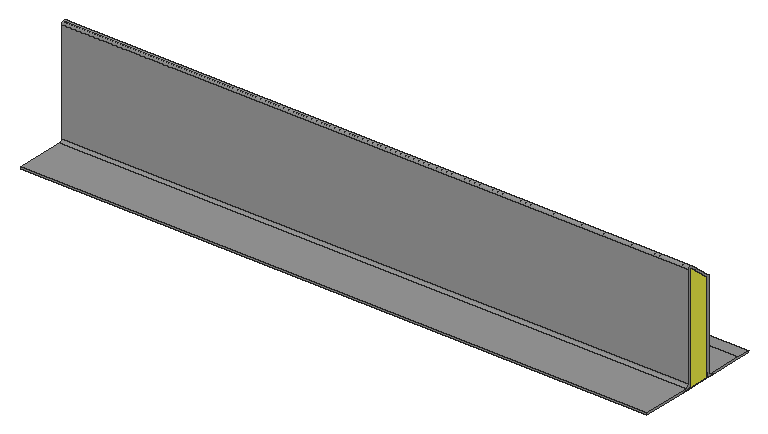
Revit family "HDK 50", category Generic Models, Revit 2014
Parameters (values of type "Max lintel length 4200mm")
  URL = "http://www.keystonelintels.co.uk"
  Structural Opening [instance] = 900 mm
  Structural Performance = "The Keystone lintel range has safe working loads as detailed in each applicable loading table in the Keystone Lintel Guide brochure. The structural performance figures within each table have been ascertained by testing in accordance with the requirements of standards BS EN 5977-2: 1983 and BS EN 845-2: 2003."
  RIBA Productor Selector = "available for Keystone Lintels Ltd from Keystone Lintels Ltd from ribaproductselector.com"
  Model = "HD/K 50"
  Min Length = 600 mm
  Min Clear Span = 300 mm
  Max Length = 4200 mm
  Max Clear Span = 4800 mm
  Material - Stainless Steel = "Grade 304 2b 1.4307 to BS EN 10088-2. Other grades available on request: contact manufacturer."
  Material - Galvanised Steel = "To BS EN 10346: 2009. DX51D plus Z600 or grade Z275 to BS 5977-2: 1983 (BS EN 845-2: 2003)."
  Manufacturer = "Keystone"
  Manufactured Length [instance] = (roundup(Effective Length / 150 mm) * 150 mm)  # 1200 mm
  Lintel height [instance] = 2100 mm
  Keynote = "F30/755"
  Fire Performance = "Keystone lintels have been subjected to a fire test (WARRES No. 101263) in accordance with BS 476-20: 1987, at Exova Warrington Fire and achieved a one hour fire performance."
  End Bearing = 150 mm
  Effective Length [instance] = Clear Opening with MIN MAX set + End Bearing * 2  # 1200 mm
  Corrosion = "Keystone’s standard range of lintels are manufactured from high quality grade pre-galvanized carbon steel with a zinc coating of 600"
  Contact Tel = "+44 (0)28 8676 2184"
  Contact Email = "info@keystonelintels.co.uk"
  Clear Opening with MIN MAX set [instance] = if(Structural Opening < Min Clear Span, Min Clear Span, (if(Structural Opening > Max Clear Span, Max Clear Span, Structural Opening)))  # 900 mm
  CPD Information = "Available for Keystone Lintels Ltd from ribacpd.com"
Reference planes
  plane 1 "Center (Front/Back)": y = 0
  plane 2: z = 0
  plane 3 "Center (Left/Right)": x = 0
  plane 4: x = -600
  plane 5: x = 600
  plane 6: z = 2100
  plane 7: x = -450
  plane 8: x = 450
Forms (mm)
  Extrusion 1, solid, material "Steel"
    sketch origin (0, 713.2, -506.216) x (0, 1, 0) y (0, 0, 1)
      loop
        line (-595.486, 2608.553) -> (-620.486, 2609.416) -> (-685.486, 2609.416)
        arc (-685.486, 2609.416) -> (-689.022, 2610.881) -> (-690.486, 2614.416) r 5
        line (-690.486, 2614.416) -> (-690.486, 2778.496)
        arc (-690.486, 2778.496) -> (-690.973, 2780.693) -> (-692.342, 2782.478) r 5.2
        line (-692.342, 2782.478) -> (-729.942, 2814.048)
        arc (-729.942, 2814.048) -> (-735.483, 2814.779) -> (-738.486, 2810.066) r 5.2
        line (-738.486, 2810.066) -> (-738.486, 2614.416)
        arc (-738.486, 2614.416) -> (-739.951, 2610.881) -> (-743.486, 2609.416) r 5
        line (-743.486, 2609.416) -> (-838.486, 2609.416) -> (-838.486, 2606.216) -> (-743.486, 2606.216)
        arc (-743.486, 2606.216) -> (-737.688, 2608.618) -> (-735.286, 2614.416) r 8.2
        line (-735.286, 2614.416) -> (-735.286, 2810.066)
        arc (-735.286, 2810.066) -> (-734.131, 2811.879) -> (-732, 2811.598) r 2
        line (-732, 2811.598) -> (-694.4, 2780.028)
        arc (-694.4, 2780.028) -> (-693.873, 2779.341) -> (-693.686, 2778.496) r 2
        line (-693.686, 2778.496) -> (-693.686, 2614.416)
        arc (-693.686, 2614.416) -> (-691.284, 2608.618) -> (-685.486, 2606.216) r 8.2
        line (-685.486, 2606.216) -> (-620.541, 2606.216) -> (-595.597, 2605.355) -> (-595.486, 2608.553)
    from -600 to 600
  Extrusion 2, solid, material "Insulation"
    sketch origin (0, 713.2, -506.216) x (0, 1, 0) y (0, 0, 1)
      loop
        line (-693.686, 2614.416) -> (-693.686, 2778.496)
        arc (-693.686, 2778.496) -> (-693.873, 2779.341) -> (-694.4, 2780.028) r 2
        line (-694.4, 2780.028) -> (-732, 2811.598)
        arc (-732, 2811.598) -> (-734.131, 2811.879) -> (-735.286, 2810.066) r 2
        line (-735.286, 2810.066) -> (-735.286, 2614.416)
        arc (-735.286, 2614.416) -> (-737.688, 2608.618) -> (-743.486, 2606.216) r 8.2
        line (-743.486, 2606.216) -> (-694.986, 2606.216) -> (-694.986, 2614.216) -> (-693.986, 2614.216) -> (-693.986, 2606.216) -> (-685.486, 2606.216)
        arc (-685.486, 2606.216) -> (-691.284, 2608.618) -> (-693.686, 2614.416) r 8.2
    from -600 to 600
  Extrusion 3, solid, material "Steel"
    sketch origin (0, 713.2, -506.216) x (0, 1, 0) y (0, 0, 1)
      loop
        line (-676.986, 2605.216) -> (-676.986, 2606.216) -> (-693.986, 2606.216) -> (-693.986, 2614.216) -> (-694.986, 2614.216) -> (-694.986, 2606.216) -> (-751.986, 2606.216) -> (-751.986, 2605.216) -> (-676.986, 2605.216)
    from -600 to 600
  Extrusion 4, solid, not visible
    sketch origin (0, 923.894, 1182.159) x (0, 1, 0) y (0, 0, 1)
      loop
        line (-595.486, 1008.553) -> (-620.486, 1009.416) -> (-685.486, 1009.416)
        arc (-685.486, 1009.416) -> (-689.022, 1010.881) -> (-690.486, 1014.416) r 5
        line (-690.486, 1014.416) -> (-690.486, 1178.496)
        arc (-690.486, 1178.496) -> (-690.973, 1180.693) -> (-692.342, 1182.478) r 5.2
        line (-692.342, 1182.478) -> (-729.942, 1214.048)
        arc (-729.942, 1214.048) -> (-735.483, 1214.779) -> (-738.486, 1210.066) r 5.2
        line (-738.486, 1210.066) -> (-738.486, 1014.416)
        arc (-738.486, 1014.416) -> (-739.951, 1010.881) -> (-743.486, 1009.416) r 5
        line (-743.486, 1009.416) -> (-838.486, 1009.416) -> (-838.486, 1006.216) -> (-743.486, 1006.216)
        arc (-743.486, 1006.216) -> (-737.688, 1008.618) -> (-735.286, 1014.416) r 8.2
        line (-735.286, 1014.416) -> (-735.286, 1210.066)
        arc (-735.286, 1210.066) -> (-734.131, 1211.879) -> (-732, 1211.598) r 2
        line (-732, 1211.598) -> (-694.4, 1180.028)
        arc (-694.4, 1180.028) -> (-693.873, 1179.341) -> (-693.686, 1178.496) r 2
        line (-693.686, 1178.496) -> (-693.686, 1014.416)
        arc (-693.686, 1014.416) -> (-691.284, 1008.618) -> (-685.486, 1006.216) r 8.2
        line (-685.486, 1006.216) -> (-620.541, 1006.216) -> (-595.597, 1005.355) -> (-595.486, 1008.553)
    from 0 to 250
  Extrusion 5, solid, not visible
    sketch origin (0, 854.485, 858.359) x (0, 1, 0) y (0, 0, 1)
      loop
        line (-693.686, 1014.416) -> (-693.686, 1178.496)
        arc (-693.686, 1178.496) -> (-693.873, 1179.341) -> (-694.4, 1180.028) r 2
        line (-694.4, 1180.028) -> (-732, 1211.598)
        arc (-732, 1211.598) -> (-734.131, 1211.879) -> (-735.286, 1210.066) r 2
        line (-735.286, 1210.066) -> (-735.286, 1014.416)
        arc (-735.286, 1014.416) -> (-737.688, 1008.618) -> (-743.486, 1006.216) r 8.2
        line (-743.486, 1006.216) -> (-694.986, 1006.216) -> (-694.986, 1014.216) -> (-693.986, 1014.216) -> (-693.986, 1006.216) -> (-685.486, 1006.216)
        arc (-685.486, 1006.216) -> (-691.284, 1008.618) -> (-693.686, 1014.416) r 8.2
    from 0 to 250
  Extrusion 6, solid, not visible
    sketch origin (0, 545.787, 1231.435) x (0, 1, 0) y (0, 0, 1)
      loop
        line (-676.986, 1005.216) -> (-676.986, 1006.216) -> (-693.986, 1006.216) -> (-693.986, 1014.216) -> (-694.986, 1014.216) -> (-694.986, 1006.216) -> (-751.986, 1006.216) -> (-751.986, 1005.216) -> (-676.986, 1005.216)
    from 0 to 250
Dimensions and locks
  equal spacing: plane 4, plane 3 "Center (Left/Right)", plane 5
  "Manufactured Length": plane 4 to plane 5
  "Lintel height": plane 6 to level
  "Structural Opening": plane 7 to plane 8
  equal spacing: plane 7, plane 3 "Center (Left/Right)", plane 8
  aligned and locked: level to plane 2
  aligned and locked: Extrusion 1 to plane 6
  aligned and locked: Extrusion 2 to plane 6
  aligned and locked: plane 6 to Extrusion 3
  aligned and locked: plane 5 to Extrusion 1
  aligned and locked: Extrusion 1 to plane 4
  aligned and locked: Extrusion 2 to plane 4
  aligned and locked: plane 5 to Extrusion 2
  aligned and locked: plane 5 to Extrusion 3
  aligned and locked: Extrusion 3 to plane 4
Automatic sketch dimensions
  Extrusion 1 sketch curve to Extrusion 1 sketch curve = 65 mm
  Extrusion 1 sketch curve to Extrusion 1 sketch curve = 25 mm
  Extrusion 1 sketch curve to Extrusion 1 sketch curve = 0.863 mm
  Extrusion 1 sketch curve to Extrusion 1 sketch curve = 5 mm  (x2)
  Extrusion 1 sketch curve to Extrusion 1 sketch curve = 164.08 mm
  Extrusion 1 sketch curve to Extrusion 1 sketch curve = 0.11 mm
  Extrusion 1 sketch curve to Extrusion 1 sketch curve = 0.055 mm
  Extrusion 1 sketch curve to Extrusion 1 sketch curve = 0 mm  (x17)
  Extrusion 1 sketch curve to Extrusion 1 sketch curve = 2 mm
  Extrusion 1 sketch curve to Extrusion 1 sketch curve = 0.714 mm
  Extrusion 1 sketch curve to Extrusion 1 sketch curve = 2.058 mm  (x2)
  Extrusion 1 sketch curve to Extrusion 1 sketch curve = 37.6 mm
  Extrusion 1 sketch curve to Extrusion 1 sketch curve = 31.57 mm
  Extrusion 1 sketch curve to Extrusion 1 sketch curve = 2.451 mm
  Extrusion 1 sketch curve to Extrusion 1 sketch curve = 1.286 mm
  Extrusion 1 sketch curve to Extrusion 1 sketch curve = 1.532 mm
  Extrusion 1 sketch curve to Extrusion 1 sketch curve = 95 mm
  Extrusion 2 sketch curve to Extrusion 2 sketch curve = 8.2 mm
  Extrusion 2 sketch curve to Extrusion 2 sketch curve = 2 mm
  Extrusion 2 sketch curve to Extrusion 2 sketch curve = 1.286 mm  (x2)
  Extrusion 2 sketch curve to Extrusion 2 sketch curve = 37.6 mm
  Extrusion 2 sketch curve to Extrusion 2 sketch curve = 40.3 mm
  Extrusion 2 sketch curve to Extrusion 2 sketch curve = 1 mm
  Extrusion 2 sketch curve to Extrusion 2 sketch curve = 0.714 mm
  Extrusion 2 sketch curve to Extrusion 2 sketch curve = 8.5 mm
  Extrusion 2 sketch curve to Extrusion 2 sketch curve = 0 mm
  Extrusion 2 sketch curve to Extrusion 2 sketch curve = 0.2 mm
  Extrusion 2 sketch curve to Extrusion 2 sketch curve = 164.08 mm
  Extrusion 2 sketch curve to Extrusion 2 sketch curve = 31.57 mm
  Extrusion 3 sketch curve to Extrusion 3 sketch curve = 17 mm
  Extrusion 3 sketch curve to Extrusion 3 sketch curve = 1 mm  (x2)
  Extrusion 3 sketch curve to Extrusion 3 sketch curve = 58 mm
  Extrusion 3 sketch curve to Extrusion 3 sketch curve = 8 mm
  Extrusion 3 sketch curve to Extrusion 3 sketch curve = 0 mm
  Extrusion 4 sketch curve to Extrusion 4 sketch curve = 65 mm
  Extrusion 4 sketch curve to Extrusion 4 sketch curve = 25 mm
  Extrusion 4 sketch curve to Extrusion 4 sketch curve = 0.863 mm
  Extrusion 4 sketch curve to Extrusion 4 sketch curve = 5 mm  (x2)
  Extrusion 4 sketch curve to Extrusion 4 sketch curve = 164.08 mm
  Extrusion 4 sketch curve to Extrusion 4 sketch curve = 0.11 mm
  Extrusion 4 sketch curve to Extrusion 4 sketch curve = 0.055 mm
  Extrusion 4 sketch curve to Extrusion 4 sketch curve = 0 mm  (x17)
  Extrusion 4 sketch curve to Extrusion 4 sketch curve = 2 mm
  Extrusion 4 sketch curve to Extrusion 4 sketch curve = 0.714 mm
  Extrusion 4 sketch curve to Extrusion 4 sketch curve = 2.058 mm  (x2)
  Extrusion 4 sketch curve to Extrusion 4 sketch curve = 37.6 mm
  Extrusion 4 sketch curve to Extrusion 4 sketch curve = 31.57 mm
  Extrusion 4 sketch curve to Extrusion 4 sketch curve = 2.451 mm
  Extrusion 4 sketch curve to Extrusion 4 sketch curve = 1.286 mm
  Extrusion 4 sketch curve to Extrusion 4 sketch curve = 1.532 mm
  Extrusion 4 sketch curve to Extrusion 4 sketch curve = 95 mm
  Extrusion 5 sketch curve to Extrusion 5 sketch curve = 8.2 mm
  Extrusion 5 sketch curve to Extrusion 5 sketch curve = 2 mm
  Extrusion 5 sketch curve to Extrusion 5 sketch curve = 1.286 mm  (x2)
  Extrusion 5 sketch curve to Extrusion 5 sketch curve = 37.6 mm
  Extrusion 5 sketch curve to Extrusion 5 sketch curve = 40.3 mm
  Extrusion 5 sketch curve to Extrusion 5 sketch curve = 1 mm
  Extrusion 5 sketch curve to Extrusion 5 sketch curve = 0.714 mm
  Extrusion 5 sketch curve to Extrusion 5 sketch curve = 8.5 mm
  Extrusion 5 sketch curve to Extrusion 5 sketch curve = 0 mm
  Extrusion 5 sketch curve to Extrusion 5 sketch curve = 0.2 mm
  Extrusion 5 sketch curve to Extrusion 5 sketch curve = 164.08 mm
  Extrusion 5 sketch curve to Extrusion 5 sketch curve = 31.57 mm
  Extrusion 6 sketch curve to Extrusion 6 sketch curve = 17 mm
  Extrusion 6 sketch curve to Extrusion 6 sketch curve = 1 mm  (x2)
  Extrusion 6 sketch curve to Extrusion 6 sketch curve = 58 mm
  Extrusion 6 sketch curve to Extrusion 6 sketch curve = 8 mm
  Extrusion 6 sketch curve to Extrusion 6 sketch curve = 0 mm
  Extrusion 1 sketch curve to plane 6 = 0 mm
  plane 1 "Center (Front/Back)" to Extrusion 1 sketch curve = 125.286 mm
  Extrusion 3 sketch curve to plane 6 = 0 mm
  plane 1 "Center (Front/Back)" to Extrusion 3 sketch curve = 38.786 mm
  Extrusion 2 sketch curve to plane 6 = 0 mm
  plane 1 "Center (Front/Back)" to Extrusion 2 sketch curve = 30.286 mm
